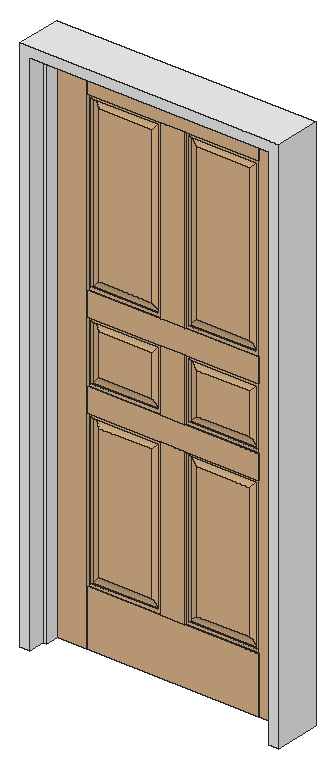
Revit family
Parameters (values of type "1 3/4" Raised Panel")
  URL = "http://www.karonadoor.com"
  Thickness Note = "Do not edit thickness."  # constant formula
  Thickness = 1.774"
  Swing Angle 2D = 90.00°
  SmartBIM Object Version = 1  # constant formula
  SmartBIM Object Created By = "Reed Construction Data"  # constant formula
  Rough Width = 0.000"
  Rough Height = 1.750"
  Panel = Panel_K5600_Karona : 1 3/4" - Raised Panel
  Model = "K5600 Mission"  # constant formula
  Manufacturer = "Karona , Inc."  # constant formula
  Detail Door Thickness = 1.750"
  Assembly Code = ""
  Top Rail Height = 5.000"
  Top Rail = Wood, Cherry - Grain Horizontal
  Stile Width = 5.063"
  Stile = Wood, Cherry - Grain Vertical
  Sticking = Wood, Cherry - Grain Vertical
  Middle Rail = Wood, Cherry - Grain Horizontal
  Height = 80.000"
  Wall Closure = (empty or 0)
  Width = 36.000"
  Frame = Metal
  Bottom Rail Height = 8.500"
  Bottom Rail = Wood, Cherry - Grain Horizontal
  95 CSI = "08210"  # constant formula
  04 CSI = "08 14 33"  # constant formula
Types (9): name | Thickness | Rough Height | Panel | Detail Door Thickness
  1 3/4" Flat Panel | 1.774" | 1.750" | Panel_K5600_Karona : 1 3/4" - Flat Panel | 1.750"
  1 3/8" Flat Panel | 1.334" | 0.000" | Panel_K5600_Karona : 1 3/8" - Flat Panel | 1.375"
  2 1/4" Flat Panel | 2.250" | 0.000" | Panel_K5600_Karona : 2 1/4" - Flat Panel | 2.250"
  1 3/4" Glass Panel | 1.774" | 1.750" | Panel_K5600_Karona : 1 3/4" - Glass Panel | 1.750"
  1 3/8" Glass Panel | 1.334" | 0.000" | Panel_K5600_Karona : 1 3/8" - Glass Panel | 1.375"
  2 1/4" Glass Panel | 2.250" | 0.000" | Panel_K5600_Karona : 2 1/4" - Glass | 2.250"
  1 3/4" Raised Panel | 1.774" | 1.750" | Panel_K5600_Karona : 1 3/4" - Raised Panel | 1.750"
  1 3/8" Raised Panel | 1.334" | 0.000" | Panel_K5600_Karona : 1 3/8" - Raised Panel | 1.375"
  2 1/4" Raised Panel | 2.250" | 0.000" | Panel_K5600_Karona : 2 1/4" - Raised Panel | 2.250"
Reference planes (in)
  plane 1 "Center (Front/Back)": y = 0
  plane 2 "Center (Left/Right)": x = 0
  plane 3 "Left": x = -18
  plane 4 "Right": x = 18
  plane 5 "Top": z = 80
  plane 6 "Exterior Edge of Frame": y = 3.5
  plane 7 "Interior Edge of Frame": y = -3.5
  plane 8: y = 1
  plane 9: y = -1
  plane 10 "Opening Left": x = -19.5
  plane 11 "Opening Right": x = 19.5
  plane 12 "Top of Opening": z = 81.5
  plane 13: x = -17.5
Forms (in)
  Sweep 1, solid, material "Metal" <- "Frame"
    path origin (0, 0, 0) x (1, 0, 0) y (0, 0, 1)
      loop
        line (-19.5, 0) -> (-19.5, 81.5) -> (19.5, 81.5) -> (19.5, 0)
    profile origin (-19.5, 0, 40.75) x (-1, 0, 0) y (0, -1, 0)
      loop
        line (0, -3.5) -> (0, 3.5) -> (-1.5, 3.5) -> (-1.5, 1) -> (-2, 1) -> (-2, -1) -> (-1.5, -1) -> (-1.5, -3.5) -> (0, -3.5)
Lines and regions (in)
  Opening 1
    outline origin (-90, -3, 0) x (1, 0, 0) y (0, 0, 1)
      loop
        line (70.5, 0) -> (109.5, 0) -> (109.5, 81.5) -> (70.5, 81.5) -> (70.5, 0)
  symbolic lines, style "Elevation Swing"
    curve 1: line (18, 3, 0) -> (-18, 3, 40)
    curve 2: line (-18, 3, 40) -> (18, 3, 80)
Text (in)
  text "Exterior" at (-46.13199, 20.20143, 0), in view "Ref. Level"
  text "Interior" at (-46.13199, -10.56751, 0), in view "Ref. Level"
  text "Exterior" at (0, 40.15149, 123.01588), in view "Right"
  text "Interior" at (0, -64.39139, 123.01588), in view "Right"
  text "Interior" at (0, -31.01599, 123.00693), in view "Left"
  text "Exterior" at (0, 54.57065, 123.00693), in view "Left"
Dimensions and locks (in)
  "Height": level to plane 5 "Top"
  "Width": plane 3 "Left" to plane 4 "Right"
  equal spacing: host wall, curve 2, plane 5 "Top"
  locked: host wall to plane 7 "Interior Edge of Frame" at 0.5
  locked: plane 6 "Exterior Edge of Frame" to host wall at 0.5
  locked: plane 9 to plane 7 "Interior Edge of Frame" at 2.5
  locked: plane 6 "Exterior Edge of Frame" to plane 8 at 2.5
  equal spacing: plane 3 "Left", plane 2 "Center (Left/Right)", plane 4 "Right"
  locked: plane 4 "Right" to plane 11 "Opening Right" at 1.5
  locked: plane 5 "Top" to plane 12 "Top of Opening" at 1.5
  locked: plane 3 "Left" to plane 13 at 0.5
  locked: plane 10 "Opening Left" to plane 3 "Left" at 1.5
  aligned and locked: Opening 1 sketch curve to level
  aligned and locked: plane 4 "Right" to curve 1
  aligned and locked: plane 3 "Left" to curve 1
  aligned and locked: plane 5 "Top" to curve 2
  aligned and locked: Opening 1 sketch curve to plane 11 "Opening Right"
  aligned and locked: plane 12 "Top of Opening" to Opening 1 sketch curve
  aligned and locked: Opening 1 sketch curve to plane 10 "Opening Left"
  aligned and locked: plane 10 "Opening Left" to Sweep 1 sketch curve
  aligned and locked: plane 12 "Top of Opening" to Sweep 1 sketch curve
  aligned and locked: plane 11 "Opening Right" to Sweep 1 sketch curve
  aligned and locked: level to Sweep 1 sketch curve  (x2)
  aligned and locked: Sweep 1 sketch curve to plane 10 "Opening Left"
  aligned and locked: Sweep 1 sketch curve to plane 6 "Exterior Edge of Frame"
  aligned and locked: Sweep 1 sketch curve to plane 7 "Interior Edge of Frame"
  aligned and locked: Sweep 1 sketch curve to plane 8
  aligned and locked: Sweep 1 sketch curve to plane 9
  aligned and locked: plane 13 to Sweep 1 sketch curve
  aligned and locked: plane 3 "Left" to Sweep 1 sketch curve  (x2)
  aligned and locked: nested 1 to plane 2 "Center (Left/Right)"
  aligned and locked: nested 1 to plane 8
  aligned and locked: nested 2 to plane 3 "Left"
  aligned and locked: nested 2 to plane 8
Automatic sketch dimensions
  curve 1 to level = 0.000"
  curve 2 to plane 4 "Right" = 0.000"
Nested families (in)
  nested 1: "Panel_K5600_Karona" at (-13.5, 0.6575, 0) x (-1, 0, 0) z (0, 0, 1), type <- "Panel", type "1 3/4" - Raised Panel"
    with Panel Height 26.500", Height 80.000", Bottom Rail Height 8.500", Bottom Panel Height 23.375"
  nested 2: "Door Panel Plan View" at (-31.5, 1, 0) x (-1, 0, 0) z (0, 0, 1), type "Door Panel Plan View"
    with Thickness 1.750", Height 80.000"
Definition of nested family "Panel_K5600_Karona"
  Parameters (values of type "1 3/4" - Raised Panel")
    Width = 36.000"
    Top Rail Material = Wood, Cherry - Grain Horizontal
    Top Rail Height = 5.000"
    Top Panel Offset = 16.542"
    Thickness Note = "Do not change door thickness"  # constant formula
    Thickness = 1.774"
    Stile Width = 5.063"
    Stile Material = Wood, Cherry - Grain Vertical
    Sticking Material = Wood, Cherry - Grain Vertical
    Panel Width = (Width - ((2 * Stile Width) + Mullion Width)) / 2  # 11.1245"
    Panel Height = Height - (Top Rail Height + Mullion Width + Middle Panel Height + Mullion Width + Bottom Panel Height + Bottom Rail Height)  # 46.500"
    Panel = Glass-Sticking-Assembly-Mission_Karona : Raised Panel
    Mullion Width = 3.625"  # constant formula
    Middle Panel Width = Width - (2 * Stile Width)  # 25.874"
    Middle Panel Height = 9.375"  # constant formula
    Lock Rail Height = 35.500"
    Interior Panel = Wood, Cherry - Grain Vertical
    Height = 100.000"
    Exterior Edge - Glass Bottom Offset = if(Thickness = 1.774", 0.567", if(Thickness = 2.250", 0.803", 0.469"))  # 0.567"
    Door Panel Material = Wood, Cherry - Grain Vertical
    Default Elevation = 0.000"  # constant formula
    Bottom Rail Material = Wood, Cherry - Grain Horizontal
    Bottom Rail Height = 15.000"
    Bottom Panel Height = Lock Rail Height - (Mullion Width + Bottom Rail Height)  # 16.875"
    Assembly Code = ""
  Types (9): name | Top Panel Offset | Thickness | Panel Height | Panel | Interior Panel | Height | Exterior Edge - Glass Bottom Offset | Bottom Rail Height | Bottom Panel Height
    2 1/4" - Flat Panel | 14.875" | 2.250" | 26.500" | Glass-Sticking-Assembly-Mission_Karona : Flat Panel | Wood, Cherry - Grain Vertical | 80.000" | 0.803" | 8.500" | 23.375"
    2 1/4" - Glass | 14.875" | 2.250" | 26.500" | Glass-Sticking-Assembly-Mission_Karona : Glass Panel | Glass | 80.000" | 0.803" | 8.500" | 23.375"
    2 1/4" - Raised Panel | 14.875" | 2.250" | 26.500" | Glass-Sticking-Assembly-Mission_Karona : Raised Panel | Wood, Cherry - Grain Vertical | 80.000" | 0.803" | 8.500" | 23.375"
    1 3/4" - Raised Panel | 16.542" | 1.774" | 46.500" | Glass-Sticking-Assembly-Mission_Karona : Raised Panel | Wood, Cherry - Grain Vertical | 100.000" | 0.567" | 15.000" | 16.875"
    1 3/4" - Flat Panel | 14.875" | 1.774" | 26.500" | Glass-Sticking-Assembly-Mission_Karona : Flat Panel | Wood, Cherry - Grain Vertical | 80.000" | 0.567" | 8.500" | 23.375"
    1 3/4" - Glass Panel | 14.875" | 1.774" | 26.500" | Glass-Sticking-Assembly-Mission_Karona : Glass Panel | Glass | 80.000" | 0.567" | 8.500" | 23.375"
    1 3/8" - Raised Panel | 14.875" | 1.334" | 26.500" | Glass-Sticking-Assembly-Mission_Karona : Raised Panel | Wood, Cherry - Grain Vertical | 80.000" | 0.469" | 8.500" | 23.375"
    1 3/8" - Glass Panel | 14.875" | 1.334" | 26.500" | Glass-Sticking-Assembly-Mission_Karona : Glass Panel | Glass | 80.000" | 0.469" | 8.500" | 23.375"
    1 3/8" - Flat Panel | 14.875" | 1.334" | 26.500" | Glass-Sticking-Assembly-Mission_Karona : Flat Panel | Wood, Cherry - Grain Horizontal | 80.000" | 0.469" | 8.500" | 23.375"
  Reference planes (in)
    plane 1 "Center (Front/Back)": y = 1.2295
    plane 2: z = 0
    plane 3 "Center (Left/Right)": x = -13.5
    plane 4 "Left": x = -31.5
    plane 5: x = 4.5
    plane 6 "Inner Left": x = -26.437
    plane 7 "Inner Right": x = -0.563
    plane 8 "Bottom Of Top Rail": z = 95
    plane 9 "Top": z = 100
    plane 10 "Interior Edge of Door": y = 2.1165
    plane 11: z = 95
    plane 12 "Exterior Edge of Door": y = 0.3425
    plane 13 "Bottom of Glass": y = 0.9095
    plane 14 "Left Panel Vertical Midline": x = -13.5
    plane 15: z = 48.5
    plane 16: z = 44.875
    plane 17: z = 35.5
    plane 18: z = 31.875
    plane 19: z = 15
    plane 20: z = 71.75
    plane 21: z = 23.4375
    plane 22: z = 40.1875
    plane 23: x = -20.87475
    plane 24: x = -6.12525
    plane 25: x = -15.3125
    plane 26: x = -11.6875
  Forms (in)
    Extrusion 1, solid, material "Wood, Cherry - Grain Horizontal" <- "Bottom Rail Material"
      sketch origin (0, -101.3125, 0) x (1, 0, 0) y (0, 0, 1)
        loop
          line (-26.437, 0) -> (-0.563, 0) -> (-0.563, 15) -> (-26.437, 15) -> (-26.437, 0)
      from -103.429 to -101.655
    Extrusion 2, solid, material "Wood, Cherry - Grain Vertical" <- "Stile Material"
      sketch origin (0, 1.2295, 0) x (1, 0, 0) y (0, 0, 1)
        loop
          line (-31.5, 100) -> (-31.5, 0) -> (-26.437, 0) -> (-26.437, 100) -> (-31.5, 100)
        loop
          line (-0.563, 0) -> (4.5, 0) -> (4.5, 100) -> (-0.563, 100) -> (-0.563, 0)
      from -0.887 to 0.887
    Extrusion 3, solid, material "Wood, Cherry - Grain Horizontal" <- "Top Rail Material"
      sketch origin (0, 1.2295, 0) x (1, 0, 0) y (0, 0, 1)
        loop
          line (-26.437, 100) -> (-26.437, 95) -> (-0.563, 95) -> (-0.563, 100) -> (-26.437, 100)
      from -0.887 to 0.887
    Extrusion 4, solid, material "Wood, Cherry - Grain Horizontal" <- "Top Rail Material"
      sketch origin (0, 1.2295, 0) x (1, 0, 0) y (0, 0, 1)
        loop
          line (-26.437, 31.875) -> (-0.563, 31.875) -> (-0.563, 35.5) -> (-26.437, 35.5) -> (-26.437, 31.875)
        loop
          line (-26.437, 48.5) -> (-26.437, 44.875) -> (-0.563, 44.875) -> (-0.563, 48.5) -> (-26.437, 48.5)
      from -0.887 to 0.887
    Extrusion 5, solid, material "Wood, Cherry - Grain Vertical" <- "Door Panel Material"
      sketch origin (0, 1.2295, 0) x (1, 0, 0) y (0, 0, 1)
        loop
          line (-15.3125, 95) -> (-15.3125, 48.5) -> (-11.6875, 48.5) -> (-11.6875, 95) -> (-15.3125, 95)
        loop
          line (-15.3125, 31.875) -> (-15.3125, 15) -> (-11.6875, 15) -> (-11.6875, 31.875) -> (-15.3125, 31.875)
        loop
          line (-15.3125, 35.5) -> (-11.6875, 35.5) -> (-11.6875, 44.875) -> (-15.3125, 44.875) -> (-15.3125, 35.5)
      from -0.887 to 0.887
  Text (in)
    text "EXTERIOR" at (-34.59289, -1.27941, 0), in view "Ref. Level"
    text "EXTERIOR" at (0, -9.65287, 72.76687), in view "Left"
    text "EXTERIOR" at (0, -33.33473, 96.68074), in view "Right"
  Dimensions and locks (in)
    equal spacing: plane 4 "Left", plane 3 "Center (Left/Right)", plane 5
    "Width": plane 4 "Left" to plane 5
    "Stile Width": plane 4 "Left" to plane 6 "Inner Left"
    "Stile Width": plane 5 to plane 7 "Inner Right"
    "Top Rail Height": plane 9 "Top" to plane 8 "Bottom Of Top Rail"
    "Height": plane 9 "Top" to plane 2
    equal spacing: plane 10 "Interior Edge of Door", plane 1 "Center (Front/Back)", plane 12 "Exterior Edge of Door"
    "Thickness": plane 10 "Interior Edge of Door" to plane 12 "Exterior Edge of Door"
    "Exterior Edge - Glass Bottom Offset": plane 13 "Bottom of Glass" to plane 12 "Exterior Edge of Door"
    "Exterior Edge - Glass Bottom Offset": plane 12 "Exterior Edge of Door" to plane 13 "Bottom of Glass"
    "Mullion Width": plane 15 to plane 16
    "Bottom Rail Height": plane 19 to level
    "Panel Height": plane 11 to plane 15
    equal spacing: plane 11, plane 20, plane 15
    equal spacing: plane 18, plane 21, plane 19
    "Mullion Width": plane 17 to plane 18
    equal spacing: plane 16, plane 22, plane 17
    "Mullion Width": plane 26 to plane 25
    equal spacing: plane 25, plane 23, plane 6 "Inner Left"
    equal spacing: plane 26, plane 24, plane 7 "Inner Right"
    equal spacing: plane 25, plane 3 "Center (Left/Right)", plane 26
    "Lock Rail Height": plane 17 to level
    aligned and locked: Extrusion 1 to plane 2
    aligned and locked: plane 10 "Interior Edge of Door" to Extrusion 1
    aligned and locked: plane 4 "Left" to Extrusion 2 sketch curve
    aligned and locked: Extrusion 2 sketch curve to plane 9 "Top"
    aligned and locked: Extrusion 2 sketch curve to Extrusion 1  (x3)
    aligned and locked: Extrusion 1 to Extrusion 2 sketch curve
    aligned and locked: plane 9 "Top" to Extrusion 2 sketch curve
    aligned and locked: plane 5 to Extrusion 2 sketch curve
    aligned and locked: plane 10 "Interior Edge of Door" to Extrusion 2
    aligned and locked: Extrusion 2 to Extrusion 3 sketch curve
    aligned and locked: Extrusion 3 sketch curve to Extrusion 2
    aligned and locked: plane 10 "Interior Edge of Door" to Extrusion 3
    aligned and locked: plane 11 to plane 8 "Bottom Of Top Rail"
    aligned and locked: level to plane 2
    aligned and locked: Extrusion 3 to plane 12 "Exterior Edge of Door"
    aligned and locked: Extrusion 3 to plane 10 "Interior Edge of Door"
    aligned and locked: Extrusion 2 to plane 12 "Exterior Edge of Door"
    aligned and locked: Extrusion 3 to plane 11
    aligned and locked: Extrusion 1 to Extrusion 2
    aligned and locked: nested 1 to plane 1 "Center (Front/Back)"
    aligned and locked: nested 1 to plane 19
    aligned and locked: plane 20 to nested 2
    aligned and locked: Extrusion 4 sketch curve to plane 18
    aligned and locked: Extrusion 4 sketch curve to plane 6 "Inner Left"  (x2)
    aligned and locked: Extrusion 4 sketch curve to plane 7 "Inner Right"  (x2)
    aligned and locked: Extrusion 4 sketch curve to plane 17
    aligned and locked: Extrusion 4 sketch curve to plane 15
    aligned and locked: Extrusion 4 sketch curve to plane 16
    aligned and locked: plane 10 "Interior Edge of Door" to Extrusion 4
    aligned and locked: Extrusion 4 to plane 12 "Exterior Edge of Door"
    aligned and locked: plane 23 to nested 2
    aligned and locked: plane 23 to nested 1
    aligned and locked: nested 5 to plane 20
    aligned and locked: nested 4 to plane 21
    aligned and locked: plane 24 to nested 5
    aligned and locked: plane 24 to nested 4
    aligned and locked: plane 1 "Center (Front/Back)" to nested 4
    aligned and locked: plane 1 "Center (Front/Back)" to nested 5
    aligned and locked: Extrusion 5 sketch curve to plane 25  (x3)
    aligned and locked: Extrusion 5 sketch curve to plane 26
    aligned and locked: Extrusion 5 sketch curve to plane 15
    aligned and locked: Extrusion 5 sketch curve to plane 11
    aligned and locked: Extrusion 5 sketch curve to plane 18
    aligned and locked: Extrusion 5 sketch curve to plane 19
    aligned and locked: plane 26 to Extrusion 5 sketch curve  (x2)
    aligned and locked: plane 10 "Interior Edge of Door" to Extrusion 5
    aligned and locked: Extrusion 5 to plane 12 "Exterior Edge of Door"
    aligned and locked: plane 23 to nested 3
    aligned and locked: nested 6 to plane 22
    aligned and locked: plane 24 to nested 6
    aligned and locked: plane 1 "Center (Front/Back)" to nested 6
    aligned and locked: Extrusion 5 sketch curve to plane 17
    aligned and locked: Extrusion 5 sketch curve to plane 16
    aligned and locked: plane 22 to nested 3
  Automatic sketch dimensions
    Extrusion 1 sketch curve to plane 6 "Inner Left" = 0.000"
    Extrusion 1 sketch curve to plane 7 "Inner Right" = 0.000"
    Extrusion 1 sketch curve to level = 0.000"
    Extrusion 1 sketch curve to plane 19 = 0.000"
    Extrusion 3 sketch curve to plane 7 "Inner Right" = 0.000"
    Extrusion 3 sketch curve to plane 8 "Bottom Of Top Rail" = 0.000"
  Nested families (in)
    nested 1: "Glass-Sticking-Assembly-Mission_Karona" at (-21.3435, 1.38, 15), Width <- "Panel Width", Height <- "Bottom Panel Height", type <- "Panel", type "Raised Panel"
      with Width 11.1245", Height 16.875", Door Thickness 1.774", C 0.200", B 0.567", A 0.197"
    nested 2: "Glass-Sticking-Assembly-Mission_Karona" at (-21.3435, 1.382, 48.5), Width <- "Panel Width", Height <- "Panel Height", type <- "Panel", type "Raised Panel"
      with Width 11.1245", Height 46.500", Door Thickness 1.774", C 0.200", B 0.567", A 0.197"
    nested 3: "Glass-Sticking-Assembly-Mission_Karona" at (-21.3435, 1.38, 35.5), Width <- "Panel Width", Height <- "Middle Panel Height", type <- "Panel", type "Raised Panel"
      with Width 11.1245", Height 9.375", Door Thickness 1.774", C 0.200", B 0.567", A 0.197"
    nested 4: "Glass-Sticking-Assembly-Mission_Karona" at (-5.6565, 1.38, 15) x (-1, 0, 0) z (0, 0, 1), Width <- "Panel Width", Height <- "Bottom Panel Height", type <- "Panel", type "Raised Panel"
      with Width 11.1245", Height 16.875", Door Thickness 1.774", C 0.200", B 0.567", A 0.197"
    nested 5: "Glass-Sticking-Assembly-Mission_Karona" at (-5.6565, 1.38, 48.5) x (-1, 0, 0) z (0, 0, 1), Width <- "Panel Width", Height <- "Panel Height", type <- "Panel", type "Raised Panel"
      with Width 11.1245", Height 46.500", Door Thickness 1.774", C 0.200", B 0.567", A 0.197"
    nested 6: "Glass-Sticking-Assembly-Mission_Karona" at (-5.6565, 1.38, 35.5) x (-1, 0, 0) z (0, 0, 1), Width <- "Panel Width", Height <- "Middle Panel Height", type <- "Panel", type "Raised Panel"
      with Width 11.1245", Height 9.375", Door Thickness 1.774", C 0.200", B 0.567", A 0.197"
  Definition of nested family "Glass-Sticking-Assembly-Mission_Karona"
    Parameters (values of type "Glass Panel")
      Width [instance] = 19.000"
      Stop Adjustment = if(and(not(Glass Panel), Door Thickness = 1.774"), 0.513", if(and(not(Glass Panel), Door Thickness = 2.250"), 0.513", if((Glass Panel), 0.125", 0.273")))  # 0.125"
      Profile = Wood, Cherry - Grain Vertical
      Height [instance] = 23.000"
      Raised Panel = no
      Interior Panel = Wood, Cherry - Grain Vertical
      Glass Panel = yes
      Door Thickness = 2.250"
      C = if(Door Thickness = 1.774", 0.200", if(Door Thickness = 2.250", 0.439", 0.191"))  # 0.439"
      B = if(Door Thickness = 1.774", 0.567", if(Door Thickness = 2.250", 0.803", 0.469"))  # 0.803"
      Assembly Code = ""
      A = if(Door Thickness = 1.774", 0.197", if(Door Thickness = 2.250", 0.433", 0.194"))  # 0.433"
    Types (3): name | Width | Stop Adjustment | Height | Raised Panel | Glass Panel | Door Thickness | C | B | A
      Glass Panel | 19.000" | 0.125" | 23.000" | no | yes | 2.250" | 0.439" | 0.803" | 0.433"
      Flat Panel | 4.500" | 0.273" | 23.000" | no | no | 1.334" | 0.191" | 0.469" | 0.194"
      Raised Panel | 4.000" | 0.513" | 4.000" | yes | no | 2.250" | 0.439" | 0.803" | 0.433"
    Reference planes (in)
      plane 1 "Stop Adjustment Edge": y = -0.3455
      plane 2: z = 0
      plane 3 "Center (Left/Right)": x = 0.46875
      plane 4 "Back": y = 0.9765
      plane 5 "Front": y = -1.2735
      plane 6 "Left": x = -9.03125
      plane 7 "Right": x = 9.96875
      plane 8 "Top": z = 23
      plane 9 "Center (Up/Down)": z = 11.5
      plane 10 "Bottom of Stop": y = -0.2205
      plane 11 "Bottom of Glass": y = -0.4705
      plane 12 "Right Edge of Glass": x = 9.91875
      plane 13 "Left Edge of Glass": x = -8.98125
      plane 14 "Top Edge of Glass": z = 22.90625
      plane 15 "Bottom Edge of Glass": z = 0.09375
      plane 16: x = 9.84375
      plane 17: x = 9.40625
      plane 18 "A": y = -0.8405
      plane 19 "C": y = 0.5375
      plane 20: z = 0.438
      plane 21: z = 22.562
      plane 22: x = -8.59325
      plane 23: x = 9.53075
      plane 24 "Center (Front/Back)": y = -0.1485
    Forms (in)
      Sweep 1, solid, material "Wood, Cherry - Grain Vertical" <- "Profile"
        path origin (0, -0.3455, 0) x (1, 0, 0) y (0, 0, 1)
          loop
            line (9.96875, 23) -> (-9.03125, 23) -> (-9.03125, 0) -> (9.96875, 0) -> (9.96875, 23)
        profile origin (9.96875, -0.3455, 11.5) x (0, -1, 0) y (1, 0, 0)
          loop
            line (-0.883, 0) -> (-0.883, -0.438) -> (-0.125, -0.438) -> (-0.125, -0.05) -> (0.125, -0.05) -> (0.125, -0.438) -> (0.495, -0.438) -> (0.495, 0) -> (-0.883, 0)
      Extrusion 2, solid, material "Wood, Cherry - Grain Vertical" <- "Interior Panel"
        sketch origin (0, 0, 0) x (1, 0, 0) y (0, 1, 0)
          loop
            line (-8.98125, -0.2205) -> (-8.98125, -0.4705) -> (9.91875, -0.4705) -> (9.91875, -0.2205) -> (-8.98125, -0.2205)
        from 0.09375 to 22.90625
      Extrusion 3, solid, material "Wood, Cherry - Grain Vertical" <- "Profile", visible <- "Raised Panel"
        sketch origin (0, 0, 0) x (1, 0, 0) y (0, 1, 0)
          loop
            line (9.53075, 0.5375) -> (-8.59325, 0.5375) -> (-8.59325, -0.2205) -> (9.53075, -0.2205) -> (9.53075, 0.5375)
          loop
            line (-8.59325, -0.4705) -> (-8.59325, -0.8405) -> (9.53075, -0.8405) -> (9.53075, -0.4705) -> (-8.59325, -0.4705)
        from 0.438 to 22.562
      Sweep 4, void
        path origin (0, -0.2205, 0) x (-1, 0, 0) y (0, 0, 1)
          loop
            line (9.03125, 0) -> (9.03125, 23) -> (-9.96875, 23) -> (-9.96875, 0) -> (9.03125, 0)
        profile "Profile : 05" origin (-9.03125, -0.2205, 11.5) x (1, 0, 0) y (0, 1, 0)
          loop
            line (0, 0.05) -> (0.36169, 0.05096)
            arc (0.36169, 0.05096) -> (1.01257, 0.13642) -> (1.61934, 0.387) r 2.52143
            line (1.61934, 0.387) -> (0, 0.387) -> (0, 0.05)
      Sweep 5, void
        path origin (0, -0.4705, 0) x (-1, 0, 0) y (0, 0, 1)
          loop
            line (-9.96875, 23) -> (-9.96875, 0) -> (9.03125, 0) -> (9.03125, 23) -> (-9.96875, 23)
        profile "Profile : 05" origin (9.96875, -0.4705, 11.5) x (-1, 0, 0) y (0, 1, 0)
          loop
            line (0, -0.05) -> (0, -0.387) -> (1.61934, -0.387)
            arc (1.61934, -0.387) -> (1.01257, -0.13642) -> (0.36169, -0.05096) r 2.52143
            line (0.36169, -0.05096) -> (0, -0.05)
    Cuts and joins
      Sweep 4, Sweep 5 cuts Extrusion 3
    Text (in)
      text "INTERIOR" at (-14.3788, 3.49864, 0), in view "Ref. Level"
    Dimensions and locks (in)
      equal spacing: plane 6 "Left", plane 3 "Center (Left/Right)", plane 7 "Right"
      "Width": plane 6 "Left" to plane 7 "Right"
      "Door Thickness": plane 4 "Back" to plane 5 "Front"
      "Height": plane 8 "Top" to plane 2
      equal spacing: plane 8 "Top", plane 9 "Center (Up/Down)", level
      locked: plane 1 "Stop Adjustment Edge" to plane 11 "Bottom of Glass" at 0.125
      "Stop Adjustment": plane 10 "Bottom of Stop" to plane 1 "Stop Adjustment Edge"
      locked: plane 12 "Right Edge of Glass" to plane 7 "Right" at 0.05
      locked: plane 8 "Top" to plane 14 "Top Edge of Glass" at 0.09375
      locked: plane 15 "Bottom Edge of Glass" to level at 0.09375
      locked: plane 6 "Left" to plane 13 "Left Edge of Glass" at 0.05
      "B": plane 5 "Front" to plane 11 "Bottom of Glass"
      locked: plane 16 to plane 7 "Right" at 0.125
      "A": plane 5 "Front" to plane 18 "A"
      "C": plane 19 "C" to plane 4 "Back"
      plane 4 "Back" to Sweep 1 = 1.197"
      locked: plane 20 to level at 0.438
      locked: plane 8 "Top" to plane 21 at 0.438
      locked: plane 6 "Left" to plane 22 at 0.438
      locked: plane 23 to plane 7 "Right" at 0.438
      equal spacing: plane 4 "Back", plane 24 "Center (Front/Back)", plane 5 "Front"
      aligned and locked: Sweep 1 sketch curve to plane 7 "Right"
      aligned and locked: Sweep 1 sketch curve to plane 8 "Top"
      aligned and locked: Sweep 1 sketch curve to plane 6 "Left"
      aligned and locked: Sweep 1 sketch curve to level
      aligned and locked: plane 7 "Right" to Sweep 1 sketch curve
      aligned and locked: plane 10 "Bottom of Stop" to Sweep 1 sketch curve
      aligned and locked: plane 11 "Bottom of Glass" to Sweep 1 sketch curve
      aligned and locked: plane 18 "A" to Sweep 1 sketch curve
      aligned and locked: Sweep 1 sketch curve to plane 19 "C"
      aligned and locked: Extrusion 2 sketch curve to plane 13 "Left Edge of Glass"
      aligned and locked: Extrusion 2 sketch curve to plane 10 "Bottom of Stop"
      aligned and locked: Extrusion 2 sketch curve to plane 11 "Bottom of Glass"
      aligned and locked: Extrusion 2 sketch curve to plane 12 "Right Edge of Glass"
      aligned and locked: plane 14 "Top Edge of Glass" to Extrusion 2
      aligned and locked: Extrusion 2 to plane 15 "Bottom Edge of Glass"
      aligned and locked: Extrusion 3 sketch curve to plane 19 "C"
      aligned and locked: Extrusion 3 sketch curve to plane 10 "Bottom of Stop"
      aligned and locked: Extrusion 3 sketch curve to plane 11 "Bottom of Glass"
      aligned and locked: Extrusion 3 sketch curve to plane 18 "A"
      aligned and locked: Extrusion 3 to plane 20
      aligned and locked: Extrusion 3 to plane 21
      aligned and locked: plane 12 "Right Edge of Glass" to Sweep 1 sketch curve
      aligned and locked: plane 23 to Extrusion 3 sketch curve  (x2)
      aligned and locked: Extrusion 3 sketch curve to plane 22  (x2)
      aligned and locked: plane 23 to Sweep 1 sketch curve  (x2)
      aligned and locked: Sweep 5 sketch curve to plane 6 "Left"
      aligned and locked: plane 8 "Top" to Sweep 5 sketch curve
      aligned and locked: Sweep 5 sketch curve to plane 7 "Right"
      aligned and locked: level to Sweep 5 sketch curve
      aligned and locked: Sweep 4 sketch curve to plane 7 "Right"
      aligned and locked: plane 8 "Top" to Sweep 4 sketch curve
      aligned and locked: Sweep 4 sketch curve to plane 6 "Left"
      aligned and locked: level to Sweep 4 sketch curve
Definition of nested family "Door Panel Plan View"
  Parameters (values of type "Door Panel Plan View")
    Width = 36.000"
    Thickness = 2.000"
    Swing Angle 2D = 90.00°
    Height = 0.000"
    Assembly Code = ""
  Reference planes (in)
    plane 1 "Center (Front/Back)": y = 0
    plane 2: z = 0
    plane 3 "Center (Left/Right)": x = -13.5
  Lines and regions (in)
    symbolic lines, style "DoorsPanelProjection"
      curve 1: line (-13.5, 0, 0) -> (-13.5, 36, 0)
      curve 2: line (-15.5, 0, 0) -> (-15.5, 36, 0)
      curve 3: line (-13.5, 0, 0) -> (-15.5, 0, 0)
      curve 4: line (-13.5, 36, 0) -> (-15.5, 36, 0)
    symbolic lines, style "Plan Swing"
      curve 5: arc (-13.5, 36, 0) -> (-38.95584, 25.45584, 0) -> (-49.5, 0, 0) r 36
  Dimensions and locks (in)
    "Width": curve 4 to curve 3
    "Thickness": curve 1 to curve 2
    "Swing Angle 2D": angle curve 1 to plane 1 "Center (Front/Back)"
    aligned and locked: plane 1 "Center (Front/Back)" to curve 5
  Automatic sketch dimensions
    curve 3 to plane 1 "Center (Front/Back)" = 0.000"
    curve 5 to plane 3 "Center (Left/Right)" = 0.000"
    curve 3 to plane 3 "Center (Left/Right)" = 0.000"
